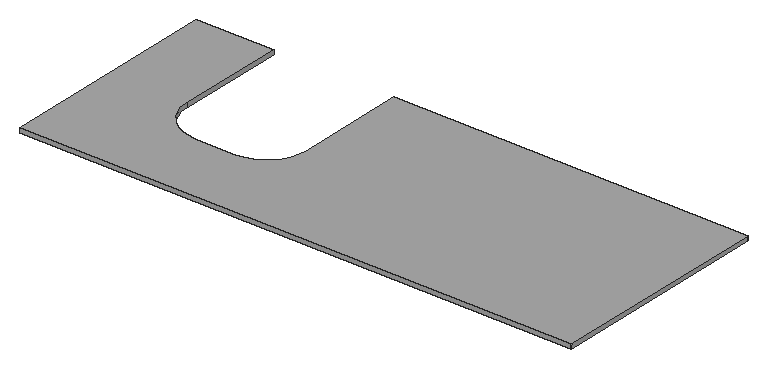
Revit family "console-hansgrohe-54205XXX-Xevolos E Console 1370_550 with cutout left for countertop basin ground 500_480", category Furniture, Revit 2019
Family settings
  OmniClass Number = 23.40.00.00
  OmniClass Title = Equipment and Furnishings
  Work Plane-Based = No
  Always vertical = Yes
  Cut with Voids When Loaded = No
  Shared = Yes
  Room Calculation Point = No
Parameters (values of type "54205-54205760-SLATE_MATT_GREY-400")
  etim7_EC011381 = "EC011381"
  WEIGHT = "5.2"
  UNSPSC = "56 | Furniture and Furnishings"
  UNIFORMATII = "E2010 | Fixed Furnishings"
  UNICLASS_2015_CODE = "40_30_78_05"
  UNICLASS2015 = "Pr_40_20_76_94 | Vanity units"
  SURFACE = "SLATE_MATT_GREY"
  SPECIFICATION = "https://pro.hansgrohe.com/articledetail--54205700"
  REGIONSET = "Worldwide"
  PRODUCTGROUP = "console"
  PRODUCTFAMILY = "Xevolos E"
  PERMALINK = "54205XXX"
  OMNICLASS = "23-19 31 17 11 | Bathroom Units"
  OBJECTTYPE = "Object (single object)"
  NN = "Console with cutout for countertop basin ground"
  NBSYN = "$BASENUMBER.-$ARTNR.-$SURFACE.-$LODLEVEL."
  NB = "54205-54205760-SLATE_MATT_GREY-400"
  NAME = "Xevolos E Console 1370/550 with cutout left for countertop basin ground 500/480"
  Model = "54205-54205760-SLATE_MATT_GREY-400"
  Manufacturer = "Hansgrohe"
  MIdent = "{$CADENAS_DATA/23d-libs/hansgrohe/xevolos_furniture/xevolos_console_cutout_for_countertop_basin_ground/console_with_cutout_for_countertop_basinground.prj},257 {VTYP=3D},{NB=54205-54205760-SLATE_MATT_GREY-400},{LINA=54205-54205760-SLATE_MATT_GREY-400},{NN=Console with cutout for countertop basin ground},{DATE=13.03.2023 11:42:46},{GEOMDATE=12.03.2023 06:46:48},{VERSION=},{LINEID=20},{WBVAR=LODLEVEL},{WBNUMERIC=}  {NB=54205-54205760-SLATE_MATT_GREY-400},{LINA=54205-54205760-SLATE_MATT_GREY-400},{KT=DUMMY},{IDNR=2},{ARTNR=54205760},{BASENUMBER=54205},{MODEL=54205XXX},{SURFACE=SLATE_MATT_GREY},{L=1374},{LODLEVEL=400},{LODLEVELX='400','400','200','200'},{L1=300},{LL=342},{NAME=Xevolos E Console 1370/550 with cutout left for countertop basin ground 500/480},{PERMALINK=54205XXX},{OBJECTTYPE=Object (single object)},{BIMOBJECT=Sanitary: Compound units},{PRODUCTFAMILY=Xevolos E},{PRODUCTGROUP=console},{WEIGHT=5.2},{DESCRIPTION=Xevolos E Console 1370/550 with cutout left for countertop basin ground 500/480},{SPECIFICATION=https://pro.hansgrohe.com/articledetail--54205700},{PRODUCTURL=0},{GTINCODE=0},{TENDERURL=0},{IFC=Furnishing element},{ETIM=EC011381 | Bathroom furniture set},{UNICLASS2015=Pr_40_20_76_94 | Vanity units},{OMNICLASS=23-19 31 17 11 | Bathroom Units},{MASTERFORMAT=12 35 30.23 | Bathroom Casework},{UNSPSC=56 | Furniture and Furnishings},{UNIFORMATII=E2010 | Fixed Furnishings},{REGIONSET=Worldwide},{DESIGN=Germany},{MANUFACTURER=Germany}"
  MASTERFORMAT = "12 35 30.23 | Bathroom Casework"
  LODLEVEL = "400"
  LL = 342
  LINA = "54205-54205760-SLATE_MATT_GREY-400"
  L1 = 300
  L = 1374
  IFC = "Furnishing element"
  IDNR = 2
  ETIM = "EC011381 | Bathroom furniture set"
  DESIGN = "Germany"
  CATALOG = "Hansgrohe"
  BIMOBJECT = "Sanitary: Compound units"
  BASENUMBER = "54205"
  ARTNR = "54205760"
  54205-54205780-SAND_MATT_BEIGE-400_RX0RY0RZ0TX0TY0TZ0_V = no
  54205-54205780-SAND_MATT_BEIGE-200_RX0RY0RZ0TX0TY0TZ0_V = no
  54205-54205760-SLATE_MATT_GREY-400_RX0RY0RZ0TX0TY0TZ0_V = yes
  54205-54205760-SLATE_MATT_GREY-200_RX0RY0RZ0TX0TY0TZ0_V = no
  54205-54205700-MATTE_WHITE-400_RX0RY0RZ0TX0TY0TZ0_V = no
  54205-54205700-MATTE_WHITE-200_RX0RY0RZ0TX0TY0TZ0_V = no
Types (6, lengths in mm): name | SURFACE | NB | Model | MIdent | LODLEVEL | LINA | IDNR | ARTNR | 54205-54205780-SAND_MATT_BEIGE-400_RX0RY0RZ0TX0TY0TZ0_V | 54205-54205780-SAND_MATT_BEIGE-200_RX0RY0RZ0TX0TY0TZ0_V | 54205-54205760-SLATE_MATT_GREY-400_RX0RY0RZ0TX0TY0TZ0_V | 54205-54205760-SLATE_MATT_GREY-200_RX0RY0RZ0TX0TY0TZ0_V | 54205-54205700-MATTE_WHITE-400_RX0RY0RZ0TX0TY0TZ0_V | 54205-54205700-MATTE_WHITE-200_RX0RY0RZ0TX0TY0TZ0_V
  54205-54205700-MATTE_WHITE-200 | "MATTE_WHITE" | "54205-54205700-MATTE_WHITE-200" | "54205-54205700-MATTE_WHITE-200" | "{$CADENAS_DATA/23d-libs/hansgrohe/xevolos_furniture/xevolos_console_cutout_for_countertop_basin_ground/console_with_cutout_for_countertop_basinground.prj},249 {VTYP=3D},{NB=54205-54205700-MATTE_WHITE-200},{LINA=54205-54205700-MATTE_WHITE-200},{NN=Console with cutout for countertop basin ground},{DATE=13.03.2023 11:42:46},{GEOMDATE=12.03.2023 06:46:48},{VERSION=},{LINEID=10},{WBVAR=LODLEVEL},{WBNUMERIC=}  {NB=54205-54205700-MATTE_WHITE-200},{LINA=54205-54205700-MATTE_WHITE-200},{KT=DUMMY},{IDNR=1},{ARTNR=54205700},{BASENUMBER=54205},{MODEL=54205XXX},{SURFACE=MATTE_WHITE},{L=1374},{LODLEVEL=200},{LODLEVELX='400','400','200','200'},{L1=300},{LL=342},{NAME=Xevolos E Console 1370/550 with cutout left for countertop basin ground 500/480},{PERMALINK=54205XXX},{OBJECTTYPE=Object (single object)},{BIMOBJECT=Sanitary: Compound units},{PRODUCTFAMILY=Xevolos E},{PRODUCTGROUP=console},{WEIGHT=5.2},{DESCRIPTION=Xevolos E Console 1370/550 with cutout left for countertop basin ground 500/480},{SPECIFICATION=https://pro.hansgrohe.com/articledetail--54205700},{PRODUCTURL=0},{GTINCODE=0},{TENDERURL=0},{IFC=Furnishing element},{ETIM=EC011381 | Bathroom furniture set},{UNICLASS2015=Pr_40_20_76_94 | Vanity units},{OMNICLASS=23-19 31 17 11 | Bathroom Units},{MASTERFORMAT=12 35 30.23 | Bathroom Casework},{UNSPSC=56 | Furniture and Furnishings},{UNIFORMATII=E2010 | Fixed Furnishings},{REGIONSET=Worldwide},{DESIGN=Germany},{MANUFACTURER=Germany}" | "200" | "54205-54205700-MATTE_WHITE-200" | 1 | "54205700" | no | no | no | no | no | yes
  54205-54205700-MATTE_WHITE-400 | "MATTE_WHITE" | "54205-54205700-MATTE_WHITE-400" | "54205-54205700-MATTE_WHITE-400" | "{$CADENAS_DATA/23d-libs/hansgrohe/xevolos_furniture/xevolos_console_cutout_for_countertop_basin_ground/console_with_cutout_for_countertop_basinground.prj},249 {VTYP=3D},{NB=54205-54205700-MATTE_WHITE-400},{LINA=54205-54205700-MATTE_WHITE-400},{NN=Console with cutout for countertop basin ground},{DATE=13.03.2023 11:42:46},{GEOMDATE=12.03.2023 06:46:48},{VERSION=},{LINEID=10},{WBVAR=LODLEVEL},{WBNUMERIC=}  {NB=54205-54205700-MATTE_WHITE-400},{LINA=54205-54205700-MATTE_WHITE-400},{KT=DUMMY},{IDNR=1},{ARTNR=54205700},{BASENUMBER=54205},{MODEL=54205XXX},{SURFACE=MATTE_WHITE},{L=1374},{LODLEVEL=400},{LODLEVELX='400','400','200','200'},{L1=300},{LL=342},{NAME=Xevolos E Console 1370/550 with cutout left for countertop basin ground 500/480},{PERMALINK=54205XXX},{OBJECTTYPE=Object (single object)},{BIMOBJECT=Sanitary: Compound units},{PRODUCTFAMILY=Xevolos E},{PRODUCTGROUP=console},{WEIGHT=5.2},{DESCRIPTION=Xevolos E Console 1370/550 with cutout left for countertop basin ground 500/480},{SPECIFICATION=https://pro.hansgrohe.com/articledetail--54205700},{PRODUCTURL=0},{GTINCODE=0},{TENDERURL=0},{IFC=Furnishing element},{ETIM=EC011381 | Bathroom furniture set},{UNICLASS2015=Pr_40_20_76_94 | Vanity units},{OMNICLASS=23-19 31 17 11 | Bathroom Units},{MASTERFORMAT=12 35 30.23 | Bathroom Casework},{UNSPSC=56 | Furniture and Furnishings},{UNIFORMATII=E2010 | Fixed Furnishings},{REGIONSET=Worldwide},{DESIGN=Germany},{MANUFACTURER=Germany}" | "400" | "54205-54205700-MATTE_WHITE-400" | 1 | "54205700" | no | no | no | no | yes | no
  54205-54205760-SLATE_MATT_GREY-200 | "SLATE_MATT_GREY" | "54205-54205760-SLATE_MATT_GREY-200" | "54205-54205760-SLATE_MATT_GREY-200" | "{$CADENAS_DATA/23d-libs/hansgrohe/xevolos_furniture/xevolos_console_cutout_for_countertop_basin_ground/console_with_cutout_for_countertop_basinground.prj},257 {VTYP=3D},{NB=54205-54205760-SLATE_MATT_GREY-200},{LINA=54205-54205760-SLATE_MATT_GREY-200},{NN=Console with cutout for countertop basin ground},{DATE=13.03.2023 11:42:46},{GEOMDATE=12.03.2023 06:46:48},{VERSION=},{LINEID=20},{WBVAR=LODLEVEL},{WBNUMERIC=}  {NB=54205-54205760-SLATE_MATT_GREY-200},{LINA=54205-54205760-SLATE_MATT_GREY-200},{KT=DUMMY},{IDNR=2},{ARTNR=54205760},{BASENUMBER=54205},{MODEL=54205XXX},{SURFACE=SLATE_MATT_GREY},{L=1374},{LODLEVEL=200},{LODLEVELX='400','400','200','200'},{L1=300},{LL=342},{NAME=Xevolos E Console 1370/550 with cutout left for countertop basin ground 500/480},{PERMALINK=54205XXX},{OBJECTTYPE=Object (single object)},{BIMOBJECT=Sanitary: Compound units},{PRODUCTFAMILY=Xevolos E},{PRODUCTGROUP=console},{WEIGHT=5.2},{DESCRIPTION=Xevolos E Console 1370/550 with cutout left for countertop basin ground 500/480},{SPECIFICATION=https://pro.hansgrohe.com/articledetail--54205700},{PRODUCTURL=0},{GTINCODE=0},{TENDERURL=0},{IFC=Furnishing element},{ETIM=EC011381 | Bathroom furniture set},{UNICLASS2015=Pr_40_20_76_94 | Vanity units},{OMNICLASS=23-19 31 17 11 | Bathroom Units},{MASTERFORMAT=12 35 30.23 | Bathroom Casework},{UNSPSC=56 | Furniture and Furnishings},{UNIFORMATII=E2010 | Fixed Furnishings},{REGIONSET=Worldwide},{DESIGN=Germany},{MANUFACTURER=Germany}" | "200" | "54205-54205760-SLATE_MATT_GREY-200" | 2 | "54205760" | no | no | no | yes | no | no
  54205-54205760-SLATE_MATT_GREY-400 | "SLATE_MATT_GREY" | "54205-54205760-SLATE_MATT_GREY-400" | "54205-54205760-SLATE_MATT_GREY-400" | "{$CADENAS_DATA/23d-libs/hansgrohe/xevolos_furniture/xevolos_console_cutout_for_countertop_basin_ground/console_with_cutout_for_countertop_basinground.prj},257 {VTYP=3D},{NB=54205-54205760-SLATE_MATT_GREY-400},{LINA=54205-54205760-SLATE_MATT_GREY-400},{NN=Console with cutout for countertop basin ground},{DATE=13.03.2023 11:42:46},{GEOMDATE=12.03.2023 06:46:48},{VERSION=},{LINEID=20},{WBVAR=LODLEVEL},{WBNUMERIC=}  {NB=54205-54205760-SLATE_MATT_GREY-400},{LINA=54205-54205760-SLATE_MATT_GREY-400},{KT=DUMMY},{IDNR=2},{ARTNR=54205760},{BASENUMBER=54205},{MODEL=54205XXX},{SURFACE=SLATE_MATT_GREY},{L=1374},{LODLEVEL=400},{LODLEVELX='400','400','200','200'},{L1=300},{LL=342},{NAME=Xevolos E Console 1370/550 with cutout left for countertop basin ground 500/480},{PERMALINK=54205XXX},{OBJECTTYPE=Object (single object)},{BIMOBJECT=Sanitary: Compound units},{PRODUCTFAMILY=Xevolos E},{PRODUCTGROUP=console},{WEIGHT=5.2},{DESCRIPTION=Xevolos E Console 1370/550 with cutout left for countertop basin ground 500/480},{SPECIFICATION=https://pro.hansgrohe.com/articledetail--54205700},{PRODUCTURL=0},{GTINCODE=0},{TENDERURL=0},{IFC=Furnishing element},{ETIM=EC011381 | Bathroom furniture set},{UNICLASS2015=Pr_40_20_76_94 | Vanity units},{OMNICLASS=23-19 31 17 11 | Bathroom Units},{MASTERFORMAT=12 35 30.23 | Bathroom Casework},{UNSPSC=56 | Furniture and Furnishings},{UNIFORMATII=E2010 | Fixed Furnishings},{REGIONSET=Worldwide},{DESIGN=Germany},{MANUFACTURER=Germany}" | "400" | "54205-54205760-SLATE_MATT_GREY-400" | 2 | "54205760" | no | no | yes | no | no | no
  54205-54205780-SAND_MATT_BEIGE-200 | "SAND_MATT_BEIGE" | "54205-54205780-SAND_MATT_BEIGE-200" | "54205-54205780-SAND_MATT_BEIGE-200" | "{$CADENAS_DATA/23d-libs/hansgrohe/xevolos_furniture/xevolos_console_cutout_for_countertop_basin_ground/console_with_cutout_for_countertop_basinground.prj},257 {VTYP=3D},{NB=54205-54205780-SAND_MATT_BEIGE-200},{LINA=54205-54205780-SAND_MATT_BEIGE-200},{NN=Console with cutout for countertop basin ground},{DATE=13.03.2023 11:42:46},{GEOMDATE=12.03.2023 06:46:48},{VERSION=},{LINEID=30},{WBVAR=LODLEVEL},{WBNUMERIC=}  {NB=54205-54205780-SAND_MATT_BEIGE-200},{LINA=54205-54205780-SAND_MATT_BEIGE-200},{KT=DUMMY},{IDNR=3},{ARTNR=54205780},{BASENUMBER=54205},{MODEL=54205XXX},{SURFACE=SAND_MATT_BEIGE},{L=1374},{LODLEVEL=200},{LODLEVELX='400','400','200','200'},{L1=300},{LL=342},{NAME=Xevolos E Console 1370/550 with cutout left for countertop basin ground 500/480},{PERMALINK=54205XXX},{OBJECTTYPE=Object (single object)},{BIMOBJECT=Sanitary: Compound units},{PRODUCTFAMILY=Xevolos E},{PRODUCTGROUP=console},{WEIGHT=5.2},{DESCRIPTION=Xevolos E Console 1370/550 with cutout left for countertop basin ground 500/480},{SPECIFICATION=https://pro.hansgrohe.com/articledetail--54205700},{PRODUCTURL=0},{GTINCODE=0},{TENDERURL=0},{IFC=Furnishing element},{ETIM=EC011381 | Bathroom furniture set},{UNICLASS2015=Pr_40_20_76_94 | Vanity units},{OMNICLASS=23-19 31 17 11 | Bathroom Units},{MASTERFORMAT=12 35 30.23 | Bathroom Casework},{UNSPSC=56 | Furniture and Furnishings},{UNIFORMATII=E2010 | Fixed Furnishings},{REGIONSET=Worldwide},{DESIGN=Germany},{MANUFACTURER=Germany}" | "200" | "54205-54205780-SAND_MATT_BEIGE-200" | 3 | "54205780" | no | yes | no | no | no | no
  54205-54205780-SAND_MATT_BEIGE-400 | "SAND_MATT_BEIGE" | "54205-54205780-SAND_MATT_BEIGE-400" | "54205-54205780-SAND_MATT_BEIGE-400" | "{$CADENAS_DATA/23d-libs/hansgrohe/xevolos_furniture/xevolos_console_cutout_for_countertop_basin_ground/console_with_cutout_for_countertop_basinground.prj},257 {VTYP=3D},{NB=54205-54205780-SAND_MATT_BEIGE-400},{LINA=54205-54205780-SAND_MATT_BEIGE-400},{NN=Console with cutout for countertop basin ground},{DATE=13.03.2023 11:42:46},{GEOMDATE=12.03.2023 06:46:48},{VERSION=},{LINEID=30},{WBVAR=LODLEVEL},{WBNUMERIC=}  {NB=54205-54205780-SAND_MATT_BEIGE-400},{LINA=54205-54205780-SAND_MATT_BEIGE-400},{KT=DUMMY},{IDNR=3},{ARTNR=54205780},{BASENUMBER=54205},{MODEL=54205XXX},{SURFACE=SAND_MATT_BEIGE},{L=1374},{LODLEVEL=400},{LODLEVELX='400','400','200','200'},{L1=300},{LL=342},{NAME=Xevolos E Console 1370/550 with cutout left for countertop basin ground 500/480},{PERMALINK=54205XXX},{OBJECTTYPE=Object (single object)},{BIMOBJECT=Sanitary: Compound units},{PRODUCTFAMILY=Xevolos E},{PRODUCTGROUP=console},{WEIGHT=5.2},{DESCRIPTION=Xevolos E Console 1370/550 with cutout left for countertop basin ground 500/480},{SPECIFICATION=https://pro.hansgrohe.com/articledetail--54205700},{PRODUCTURL=0},{GTINCODE=0},{TENDERURL=0},{IFC=Furnishing element},{ETIM=EC011381 | Bathroom furniture set},{UNICLASS2015=Pr_40_20_76_94 | Vanity units},{OMNICLASS=23-19 31 17 11 | Bathroom Units},{MASTERFORMAT=12 35 30.23 | Bathroom Casework},{UNSPSC=56 | Furniture and Furnishings},{UNIFORMATII=E2010 | Fixed Furnishings},{REGIONSET=Worldwide},{DESIGN=Germany},{MANUFACTURER=Germany}" | "400" | "54205-54205780-SAND_MATT_BEIGE-400" | 3 | "54205780" | yes | no | no | no | no | no
Reference planes
  plane 1 "Center (Front/Back)": y = 0
  plane 2: z = 0
  plane 3 "Center (Left/Right)": x = 0
Dimensions and locks
  aligned and locked: level to plane 2
Nested families
  nested 1: "54205-54205700-matte_white-200_content" at (0, 0, 0), visible <- "54205-54205700-MATTE_WHITE-200_RX0RY0RZ0TX0TY0TZ0_V", ContentVisible <- "54205-54205700-MATTE_WHITE-200_RX0RY0RZ0TX0TY0TZ0_V", type "54205-54205700-MATTE_WHITE-200_Content"
    with ContentVisible no
  nested 2: "54205-54205700-matte_white-400_content" at (0, 0, 0), visible <- "54205-54205700-MATTE_WHITE-400_RX0RY0RZ0TX0TY0TZ0_V", ContentVisible <- "54205-54205700-MATTE_WHITE-400_RX0RY0RZ0TX0TY0TZ0_V", type "54205-54205700-MATTE_WHITE-400_Content"
    with ContentVisible no
  nested 3: "54205-54205760-slate_matt_grey-200_content" at (0, 0, 0), visible <- "54205-54205760-SLATE_MATT_GREY-200_RX0RY0RZ0TX0TY0TZ0_V", ContentVisible <- "54205-54205760-SLATE_MATT_GREY-200_RX0RY0RZ0TX0TY0TZ0_V", type "54205-54205760-SLATE_MATT_GREY-200_Content"
    with ContentVisible no
  nested 4: "54205-54205760-slate_matt_grey-400_content" at (0, 0, 0), visible <- "54205-54205760-SLATE_MATT_GREY-400_RX0RY0RZ0TX0TY0TZ0_V", ContentVisible <- "54205-54205760-SLATE_MATT_GREY-400_RX0RY0RZ0TX0TY0TZ0_V", type "54205-54205760-SLATE_MATT_GREY-400_Content"
    with ContentVisible yes
  nested 5: "54205-54205780-sand_matt_beige-200_content" at (0, 0, 0), visible <- "54205-54205780-SAND_MATT_BEIGE-200_RX0RY0RZ0TX0TY0TZ0_V", ContentVisible <- "54205-54205780-SAND_MATT_BEIGE-200_RX0RY0RZ0TX0TY0TZ0_V", type "54205-54205780-SAND_MATT_BEIGE-200_Content"
    with ContentVisible no
  nested 6: "54205-54205780-sand_matt_beige-400_content" at (0, 0, 0), visible <- "54205-54205780-SAND_MATT_BEIGE-400_RX0RY0RZ0TX0TY0TZ0_V", ContentVisible <- "54205-54205780-SAND_MATT_BEIGE-400_RX0RY0RZ0TX0TY0TZ0_V", type "54205-54205780-SAND_MATT_BEIGE-400_Content"
    with ContentVisible no
Definition of nested family "54205-54205760-slate_matt_grey-400_content"
  Parameters (values of type "54205-54205760-SLATE_MATT_GREY-400_Content")
    etim7_EC011381 = "EC011381"
    WEIGHT = "5.2"
    UNSPSC = "56 | Furniture and Furnishings"
    UNIFORMATII = "E2010 | Fixed Furnishings"
    UNICLASS_2015_CODE = "40_30_78_05"
    UNICLASS2015 = "Pr_40_20_76_94 | Vanity units"
    SURFACE = "SLATE_MATT_GREY"
    SPECIFICATION = "https://pro.hansgrohe.com/articledetail--54205700"
    REGIONSET = "Worldwide"
    PRODUCTGROUP = "console"
    PRODUCTFAMILY = "Xevolos E"
    PERMALINK = "54205XXX"
    OMNICLASS = "23-19 31 17 11 | Bathroom Units"
    OBJECTTYPE = "Object (single object)"
    NN = "Console with cutout for countertop basin ground"
    NBSYN = "$BASENUMBER.-$ARTNR.-$SURFACE.-$LODLEVEL."
    NB = "54205-54205760-SLATE_MATT_GREY-400"
    NAME = "Xevolos E Console 1370/550 with cutout left for countertop basin ground 500/480"
    Model = "54205-54205760-SLATE_MATT_GREY-400"
    Manufacturer = "Hansgrohe"
    MASTERFORMAT = "12 35 30.23 | Bathroom Casework"
    LODLEVEL = "400"
    LL = 342
    LINA = "54205-54205760-SLATE_MATT_GREY-400"
    L1 = 300
    L = 1374
    IFC = "Furnishing element"
    IDNR = 2
    ETIM = "EC011381 | Bathroom furniture set"
    Default Elevation = 1219.2 mm
    DESIGN = "Germany"
    ContentVisible [instance] = yes
    CATALOG = "Hansgrohe"
    BIMOBJECT = "Sanitary: Compound units"
    BASENUMBER = "54205"
    ARTNR = "54205760"
  Reference planes
    plane 1 "Center (Front/Back)": y = 0
    plane 2: z = 0
    plane 3 "Center (Left/Right)": x = 0
  Forms (mm)
    Extrusion 1, solid, visible <- "ContentVisible", detail levels medium+fine
      sketch origin (0, 0, 0) x (1, 0, 0) y (0, 1, 0)
        loop
          line (-342, -1.5) -> (-342, -548.5)
          arc (-342, -548.5) -> (-341.561, -549.561) -> (-340.5, -550) r 1.5
          line (-340.5, -550) -> (1030.5, -550)
          arc (1030.5, -550) -> (1031.561, -549.561) -> (1032, -548.5) r 1.5
          line (1032, -548.5) -> (1032, -1.5)
          arc (1032, -1.5) -> (1031.561, -0.439) -> (1030.5, 0) r 1.5
          line (1030.5, 0) -> (150, 0) -> (150, -270)
          arc (150, -270) -> (120.711, -340.711) -> (50, -370) r 100
          line (50, -370) -> (-50, -370)
          arc (-50, -370) -> (-120.711, -340.711) -> (-150, -270) r 100
          line (-150, -270) -> (-150, 0) -> (-340.5, 0)
          arc (-340.5, 0) -> (-341.561, -0.439) -> (-342, -1.5) r 1.5
      from 0 to 10
    Extrusion 2, solid, visible <- "ContentVisible", detail levels coarse
      sketch origin (345, -275, 0) x (1, 0, 0) y (0, 1, 0)
        loop
          line (-687, -275) -> (687, -275) -> (687, 275) -> (-687, 275) -> (-687, -275)
      from 0 to 10
  Dimensions and locks
    aligned and locked: level to plane 2
Definition of nested family "54205-54205700-matte_white-200_content"
  Parameters (values of type "54205-54205700-MATTE_WHITE-200_Content")
    etim7_EC011381 = "EC011381"
    WEIGHT = "5.2"
    UNSPSC = "56 | Furniture and Furnishings"
    UNIFORMATII = "E2010 | Fixed Furnishings"
    UNICLASS_2015_CODE = "40_30_78_05"
    UNICLASS2015 = "Pr_40_20_76_94 | Vanity units"
    SURFACE = "MATTE_WHITE"
    SPECIFICATION = "https://pro.hansgrohe.com/articledetail--54205700"
    REGIONSET = "Worldwide"
    PRODUCTGROUP = "console"
    PRODUCTFAMILY = "Xevolos E"
    PERMALINK = "54205XXX"
    OMNICLASS = "23-19 31 17 11 | Bathroom Units"
    OBJECTTYPE = "Object (single object)"
    NN = "Console with cutout for countertop basin ground"
    NBSYN = "$BASENUMBER.-$ARTNR.-$SURFACE.-$LODLEVEL."
    NB = "54205-54205700-MATTE_WHITE-200"
    NAME = "Xevolos E Console 1370/550 with cutout left for countertop basin ground 500/480"
    Model = "54205-54205700-MATTE_WHITE-200"
    Manufacturer = "Hansgrohe"
    MASTERFORMAT = "12 35 30.23 | Bathroom Casework"
    LODLEVEL = "200"
    LL = 342
    LINA = "54205-54205700-MATTE_WHITE-200"
    L1 = 300
    L = 1374
    IFC = "Furnishing element"
    IDNR = 1
    ETIM = "EC011381 | Bathroom furniture set"
    Default Elevation = 1219.2 mm
    DESIGN = "Germany"
    ContentVisible [instance] = yes
    CATALOG = "Hansgrohe"
    BIMOBJECT = "Sanitary: Compound units"
    BASENUMBER = "54205"
    ARTNR = "54205700"
  Reference planes
    plane 1 "Center (Front/Back)": y = 0
    plane 2: z = 0
    plane 3 "Center (Left/Right)": x = 0
  Forms (mm)
    Extrusion 1, solid, visible <- "ContentVisible", detail levels medium+fine
      sketch origin (0, 0, 0) x (1, 0, 0) y (0, 1, 0)
        loop
          line (-342, 0) -> (-342, -550) -> (1032, -550) -> (1032, 0) -> (150, 0) -> (150, -460) -> (-150, -460) -> (-150, 0) -> (-342, 0)
      from 0 to 10
    Extrusion 2, solid, visible <- "ContentVisible", detail levels coarse
      sketch origin (345, -275, 0) x (1, 0, 0) y (0, 1, 0)
        loop
          line (-687, -275) -> (687, -275) -> (687, 275) -> (-687, 275) -> (-687, -275)
      from 0 to 10
  Dimensions and locks
    aligned and locked: level to plane 2
Definition of nested family "54205-54205700-matte_white-400_content"
  Parameters (values of type "54205-54205700-MATTE_WHITE-400_Content")
    etim7_EC011381 = "EC011381"
    WEIGHT = "5.2"
    UNSPSC = "56 | Furniture and Furnishings"
    UNIFORMATII = "E2010 | Fixed Furnishings"
    UNICLASS_2015_CODE = "40_30_78_05"
    UNICLASS2015 = "Pr_40_20_76_94 | Vanity units"
    SURFACE = "MATTE_WHITE"
    SPECIFICATION = "https://pro.hansgrohe.com/articledetail--54205700"
    REGIONSET = "Worldwide"
    PRODUCTGROUP = "console"
    PRODUCTFAMILY = "Xevolos E"
    PERMALINK = "54205XXX"
    OMNICLASS = "23-19 31 17 11 | Bathroom Units"
    OBJECTTYPE = "Object (single object)"
    NN = "Console with cutout for countertop basin ground"
    NBSYN = "$BASENUMBER.-$ARTNR.-$SURFACE.-$LODLEVEL."
    NB = "54205-54205700-MATTE_WHITE-400"
    NAME = "Xevolos E Console 1370/550 with cutout left for countertop basin ground 500/480"
    Model = "54205-54205700-MATTE_WHITE-400"
    Manufacturer = "Hansgrohe"
    MASTERFORMAT = "12 35 30.23 | Bathroom Casework"
    LODLEVEL = "400"
    LL = 342
    LINA = "54205-54205700-MATTE_WHITE-400"
    L1 = 300
    L = 1374
    IFC = "Furnishing element"
    IDNR = 1
    ETIM = "EC011381 | Bathroom furniture set"
    Default Elevation = 1219.2 mm
    DESIGN = "Germany"
    ContentVisible [instance] = yes
    CATALOG = "Hansgrohe"
    BIMOBJECT = "Sanitary: Compound units"
    BASENUMBER = "54205"
    ARTNR = "54205700"
  Reference planes
    plane 1 "Center (Front/Back)": y = 0
    plane 2: z = 0
    plane 3 "Center (Left/Right)": x = 0
  Forms (mm)
    Extrusion 1, solid, visible <- "ContentVisible", detail levels medium+fine
      sketch origin (0, 0, 0) x (1, 0, 0) y (0, 1, 0)
        loop
          line (-342, -1.5) -> (-342, -548.5)
          arc (-342, -548.5) -> (-341.561, -549.561) -> (-340.5, -550) r 1.5
          line (-340.5, -550) -> (1030.5, -550)
          arc (1030.5, -550) -> (1031.561, -549.561) -> (1032, -548.5) r 1.5
          line (1032, -548.5) -> (1032, -1.5)
          arc (1032, -1.5) -> (1031.561, -0.439) -> (1030.5, 0) r 1.5
          line (1030.5, 0) -> (150, 0) -> (150, -270)
          arc (150, -270) -> (120.711, -340.711) -> (50, -370) r 100
          line (50, -370) -> (-50, -370)
          arc (-50, -370) -> (-120.711, -340.711) -> (-150, -270) r 100
          line (-150, -270) -> (-150, 0) -> (-340.5, 0)
          arc (-340.5, 0) -> (-341.561, -0.439) -> (-342, -1.5) r 1.5
      from 0 to 10
    Extrusion 2, solid, visible <- "ContentVisible", detail levels coarse
      sketch origin (345, -275, 0) x (1, 0, 0) y (0, 1, 0)
        loop
          line (-687, -275) -> (687, -275) -> (687, 275) -> (-687, 275) -> (-687, -275)
      from 0 to 10
  Dimensions and locks
    aligned and locked: level to plane 2
Definition of nested family "54205-54205760-slate_matt_grey-200_content"
  Parameters (values of type "54205-54205760-SLATE_MATT_GREY-200_Content")
    etim7_EC011381 = "EC011381"
    WEIGHT = "5.2"
    UNSPSC = "56 | Furniture and Furnishings"
    UNIFORMATII = "E2010 | Fixed Furnishings"
    UNICLASS_2015_CODE = "40_30_78_05"
    UNICLASS2015 = "Pr_40_20_76_94 | Vanity units"
    SURFACE = "SLATE_MATT_GREY"
    SPECIFICATION = "https://pro.hansgrohe.com/articledetail--54205700"
    REGIONSET = "Worldwide"
    PRODUCTGROUP = "console"
    PRODUCTFAMILY = "Xevolos E"
    PERMALINK = "54205XXX"
    OMNICLASS = "23-19 31 17 11 | Bathroom Units"
    OBJECTTYPE = "Object (single object)"
    NN = "Console with cutout for countertop basin ground"
    NBSYN = "$BASENUMBER.-$ARTNR.-$SURFACE.-$LODLEVEL."
    NB = "54205-54205760-SLATE_MATT_GREY-200"
    NAME = "Xevolos E Console 1370/550 with cutout left for countertop basin ground 500/480"
    Model = "54205-54205760-SLATE_MATT_GREY-200"
    Manufacturer = "Hansgrohe"
    MASTERFORMAT = "12 35 30.23 | Bathroom Casework"
    LODLEVEL = "200"
    LL = 342
    LINA = "54205-54205760-SLATE_MATT_GREY-200"
    L1 = 300
    L = 1374
    IFC = "Furnishing element"
    IDNR = 2
    ETIM = "EC011381 | Bathroom furniture set"
    Default Elevation = 1219.2 mm
    DESIGN = "Germany"
    ContentVisible [instance] = yes
    CATALOG = "Hansgrohe"
    BIMOBJECT = "Sanitary: Compound units"
    BASENUMBER = "54205"
    ARTNR = "54205760"
  Reference planes
    plane 1 "Center (Front/Back)": y = 0
    plane 2: z = 0
    plane 3 "Center (Left/Right)": x = 0
  Forms (mm)
    Extrusion 1, solid, visible <- "ContentVisible", detail levels medium+fine
      sketch origin (0, 0, 0) x (1, 0, 0) y (0, 1, 0)
        loop
          line (-342, 0) -> (-342, -550) -> (1032, -550) -> (1032, 0) -> (150, 0) -> (150, -460) -> (-150, -460) -> (-150, 0) -> (-342, 0)
      from 0 to 10
    Extrusion 2, solid, visible <- "ContentVisible", detail levels coarse
      sketch origin (345, -275, 0) x (1, 0, 0) y (0, 1, 0)
        loop
          line (-687, -275) -> (687, -275) -> (687, 275) -> (-687, 275) -> (-687, -275)
      from 0 to 10
  Dimensions and locks
    aligned and locked: level to plane 2
Definition of nested family "54205-54205780-sand_matt_beige-200_content"
  Parameters (values of type "54205-54205780-SAND_MATT_BEIGE-200_Content")
    etim7_EC011381 = "EC011381"
    WEIGHT = "5.2"
    UNSPSC = "56 | Furniture and Furnishings"
    UNIFORMATII = "E2010 | Fixed Furnishings"
    UNICLASS_2015_CODE = "40_30_78_05"
    UNICLASS2015 = "Pr_40_20_76_94 | Vanity units"
    SURFACE = "SAND_MATT_BEIGE"
    SPECIFICATION = "https://pro.hansgrohe.com/articledetail--54205700"
    REGIONSET = "Worldwide"
    PRODUCTGROUP = "console"
    PRODUCTFAMILY = "Xevolos E"
    PERMALINK = "54205XXX"
    OMNICLASS = "23-19 31 17 11 | Bathroom Units"
    OBJECTTYPE = "Object (single object)"
    NN = "Console with cutout for countertop basin ground"
    NBSYN = "$BASENUMBER.-$ARTNR.-$SURFACE.-$LODLEVEL."
    NB = "54205-54205780-SAND_MATT_BEIGE-200"
    NAME = "Xevolos E Console 1370/550 with cutout left for countertop basin ground 500/480"
    Model = "54205-54205780-SAND_MATT_BEIGE-200"
    Manufacturer = "Hansgrohe"
    MASTERFORMAT = "12 35 30.23 | Bathroom Casework"
    LODLEVEL = "200"
    LL = 342
    LINA = "54205-54205780-SAND_MATT_BEIGE-200"
    L1 = 300
    L = 1374
    IFC = "Furnishing element"
    IDNR = 3
    ETIM = "EC011381 | Bathroom furniture set"
    Default Elevation = 1219.2 mm
    DESIGN = "Germany"
    ContentVisible [instance] = yes
    CATALOG = "Hansgrohe"
    BIMOBJECT = "Sanitary: Compound units"
    BASENUMBER = "54205"
    ARTNR = "54205780"
  Reference planes
    plane 1 "Center (Front/Back)": y = 0
    plane 2: z = 0
    plane 3 "Center (Left/Right)": x = 0
  Forms (mm)
    Extrusion 1, solid, visible <- "ContentVisible", detail levels medium+fine
      sketch origin (0, 0, 0) x (1, 0, 0) y (0, 1, 0)
        loop
          line (-342, 0) -> (-342, -550) -> (1032, -550) -> (1032, 0) -> (150, 0) -> (150, -460) -> (-150, -460) -> (-150, 0) -> (-342, 0)
      from 0 to 10
    Extrusion 2, solid, visible <- "ContentVisible", detail levels coarse
      sketch origin (345, -275, 0) x (1, 0, 0) y (0, 1, 0)
        loop
          line (-687, -275) -> (687, -275) -> (687, 275) -> (-687, 275) -> (-687, -275)
      from 0 to 10
  Dimensions and locks
    aligned and locked: level to plane 2
Definition of nested family "54205-54205780-sand_matt_beige-400_content"
  Parameters (values of type "54205-54205780-SAND_MATT_BEIGE-400_Content")
    etim7_EC011381 = "EC011381"
    WEIGHT = "5.2"
    UNSPSC = "56 | Furniture and Furnishings"
    UNIFORMATII = "E2010 | Fixed Furnishings"
    UNICLASS_2015_CODE = "40_30_78_05"
    UNICLASS2015 = "Pr_40_20_76_94 | Vanity units"
    SURFACE = "SAND_MATT_BEIGE"
    SPECIFICATION = "https://pro.hansgrohe.com/articledetail--54205700"
    REGIONSET = "Worldwide"
    PRODUCTGROUP = "console"
    PRODUCTFAMILY = "Xevolos E"
    PERMALINK = "54205XXX"
    OMNICLASS = "23-19 31 17 11 | Bathroom Units"
    OBJECTTYPE = "Object (single object)"
    NN = "Console with cutout for countertop basin ground"
    NBSYN = "$BASENUMBER.-$ARTNR.-$SURFACE.-$LODLEVEL."
    NB = "54205-54205780-SAND_MATT_BEIGE-400"
    NAME = "Xevolos E Console 1370/550 with cutout left for countertop basin ground 500/480"
    Model = "54205-54205780-SAND_MATT_BEIGE-400"
    Manufacturer = "Hansgrohe"
    MASTERFORMAT = "12 35 30.23 | Bathroom Casework"
    LODLEVEL = "400"
    LL = 342
    LINA = "54205-54205780-SAND_MATT_BEIGE-400"
    L1 = 300
    L = 1374
    IFC = "Furnishing element"
    IDNR = 3
    ETIM = "EC011381 | Bathroom furniture set"
    Default Elevation = 1219.2 mm
    DESIGN = "Germany"
    ContentVisible [instance] = yes
    CATALOG = "Hansgrohe"
    BIMOBJECT = "Sanitary: Compound units"
    BASENUMBER = "54205"
    ARTNR = "54205780"
  Reference planes
    plane 1 "Center (Front/Back)": y = 0
    plane 2: z = 0
    plane 3 "Center (Left/Right)": x = 0
  Forms (mm)
    Extrusion 1, solid, visible <- "ContentVisible", detail levels medium+fine
      sketch origin (0, 0, 0) x (1, 0, 0) y (0, 1, 0)
        loop
          line (-342, -1.5) -> (-342, -548.5)
          arc (-342, -548.5) -> (-341.561, -549.561) -> (-340.5, -550) r 1.5
          line (-340.5, -550) -> (1030.5, -550)
          arc (1030.5, -550) -> (1031.561, -549.561) -> (1032, -548.5) r 1.5
          line (1032, -548.5) -> (1032, -1.5)
          arc (1032, -1.5) -> (1031.561, -0.439) -> (1030.5, 0) r 1.5
          line (1030.5, 0) -> (150, 0) -> (150, -270)
          arc (150, -270) -> (120.711, -340.711) -> (50, -370) r 100
          line (50, -370) -> (-50, -370)
          arc (-50, -370) -> (-120.711, -340.711) -> (-150, -270) r 100
          line (-150, -270) -> (-150, 0) -> (-340.5, 0)
          arc (-340.5, 0) -> (-341.561, -0.439) -> (-342, -1.5) r 1.5
      from 0 to 10
    Extrusion 2, solid, visible <- "ContentVisible", detail levels coarse
      sketch origin (345, -275, 0) x (1, 0, 0) y (0, 1, 0)
        loop
          line (-687, -275) -> (687, -275) -> (687, 275) -> (-687, 275) -> (-687, -275)
      from 0 to 10
  Dimensions and locks
    aligned and locked: level to plane 2
